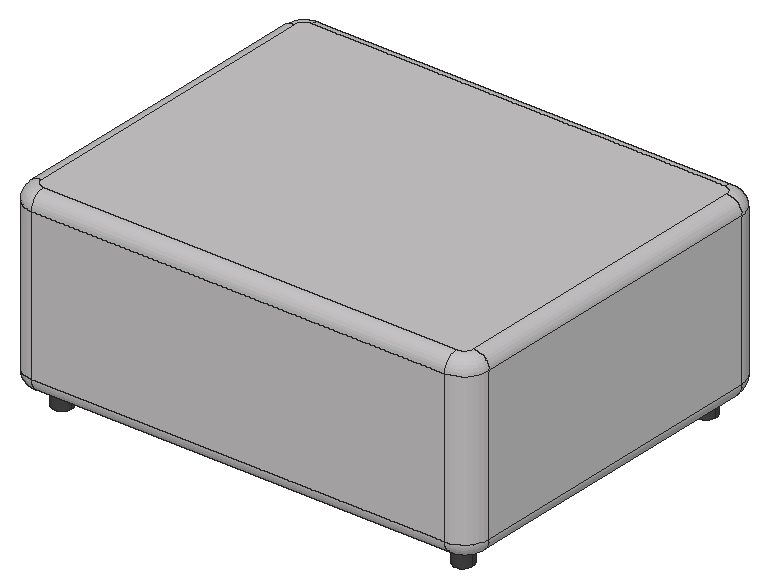
Revit family "FU_Chair_Sandler_ENTROPY_ENT0015TA", category Furniture, Revit 2020
Family settings
  OmniClass Number = 23.21.23.15.17
  Work Plane-Based = Yes
  Always vertical = No
  Cut with Voids When Loaded = No
  Shared = No
  Room Calculation Point = No
Parameters (values of type "ENTROPY ENT0015TA")
  Youtube clip = ""
  Width = 950.000 mm
  Uniformat II Description = "Movable Furnishings"
  Uniformat II Code = ""
  Uniclass 2015 Name = ""
  Uniclass 2015 Code = ""
  Uniclass 2.0 Description = ""
  Uniclass 2.0 Code = ""
  Uniclass 1.4 Description = ""
  Uniclass 1.4 Code = ""
  UNSPSC Code = ""
  Technical description = ""
  Seat Material = Leather - Gaja - 60005
  Frame Material = Steel - Frame - Black
  Region South America = "All"
  Region Oceania = "All"
  Region North America = "All"
  Region Middle East = "All"
  Region Europe = "All"
  Region Asia = "All"
  Region Antarctica = "All"
  Region Africa = "All"
  QR code = ""
  Product url = "https://www.sandlerseating.com/product/ent0015ta/"
  Product name = ""
  Product group = "Chair"
  Product family = "Furniture"
  Product data url = "https://www.sandlerseating.com/product/ent0015ta/"
  Product certification = ""
  Product SKU = ""
  Product Guid = ""
  OmniClass Description = ""
  OmniClass Code = "23-21 23 15 17"
  NBS Reference Description = ""
  NBS Reference Code = ""
  Model = "ENTROPY ENT0015TA"
  Masterformat 2014 Description = "Chair Mats"
  Masterformat 2014 Code = "12 48 43.13"
  Manufacturer name = "Sandler"
  Manufacturer country = "UK"
  Manufacturer = "Sandler"
  Installation instructions = ""
  IFC Classification = "Furnishing Element"
  GTIN code = ""
  Edition number = 1
  Design country = "UK"
  Description = "Chair"
  Depth = 750.000 mm
  Default Elevation = 0.000 mm
  Date of publishing = ""
  COBIe Type Category = ""
  Brand url = "https://www.sandlerseating.com/"
  BIMobject main category code = "furniture"
  BIMobject main category = "Furniture"
  BIMobject category code = "furniture-chair"
  BIMobject category = "Chair"
Reference planes
  plane 1 "Center Front/Back": y = 0
  plane 2: z = 0
  plane 3 "Center Left/Right": x = 0
  plane 4: y = 375
  plane 5: y = -375
  plane 6: x = -475
  plane 7: x = 475
  plane 8: z = 410
  plane 9: z = 40
  plane 10: x = -437.5
  plane 11: x = 437.5
  plane 12: y = -337.5
  plane 13: y = 337.5
Forms (mm)
  Extrusion 1, solid, material "Leather - Gaja - 60005" <- "Seat Material"
    sketch origin (0, 0, 0) x (1, 0, 0) y (0, 1, 0)
      loop
        arc (-425, 375) -> (-460.355, 360.355) -> (-475, 325) r 50
        line (-475, 325) -> (-475, -325)
        arc (-475, -325) -> (-460.355, -360.355) -> (-425, -375) r 50
        line (-425, -375) -> (425, -375)
        arc (425, -375) -> (460.355, -360.355) -> (475, -325) r 50
        line (475, -325) -> (475, 325)
        arc (475, 325) -> (460.355, 360.355) -> (425, 375) r 50
        line (425, 375) -> (-425, 375)
    from 40 to 410
  Sweep 2, void
    path in 3D
      loop
        arc (425, -375, 410) -> (460.355, -360.355, 410) -> (475, -325, 410) r 50
        line (475, -325, 410) -> (475, 325, 410)
        arc (475, 325, 410) -> (460.355, 360.355, 410) -> (425, 375, 410) r 50
        line (425, 375, 410) -> (-425, 375, 410)
        arc (-425, 375, 410) -> (-460.355, 360.355, 410) -> (-475, 325, 410) r 50
        line (-475, 325, 410) -> (-475, -325, 410)
        arc (-475, -325, 410) -> (-460.355, -360.355, 410) -> (-425, -375, 410) r 50
        line (-425, -375, 410) -> (425, -375, 410)
    profile origin (0, -375, 410) x (0, 1, 0) y (0, 0, 1)
      loop
        line (0, 0) -> (0, -30)
        arc (0, -30) -> (8.787, -8.787) -> (30, 0) r 30
        line (30, 0) -> (0, 0)
      loop
        line (0, -370) -> (30, -370)
        arc (30, -370) -> (8.787, -361.213) -> (0, -340) r 30
        line (0, -340) -> (0, -370)
  Extrusion 3, solid, material "Steel - Frame - Black" <- "Frame Material"
    sketch origin (0, 0, 0) x (1, 0, 0) y (0, 1, 0)
      loop
        circle (412.5, -312.5) r 20
      loop
        circle (412.5, 312.5) r 20
      loop
        circle (-412.5, 312.5) r 20
      loop
        circle (-412.5, -312.5) r 20
    from 0 to 40
Cuts and joins
  Sweep 2 cuts Extrusion 1
Lines and regions (mm)
  sketch lines
    curve 1: line (-425, -375, 410) -> (425, -375, 410)
    curve 2: arc (475, -325, 410) -> (460.355, -360.355, 410) -> (425, -375, 410) r 50
    curve 3: line (475, -325, 410) -> (475, 325, 410)
    curve 4: arc (425, 375, 410) -> (460.355, 360.355, 410) -> (475, 325, 410) r 50
    curve 5: line (425, 375, 410) -> (-425, 375, 410)
    curve 6: arc (-475, 325, 410) -> (-460.355, 360.355, 410) -> (-425, 375, 410) r 50
    curve 7: line (-475, 325, 410) -> (-475, -325, 410)
    curve 8: arc (-425, -375, 410) -> (-460.355, -360.355, 410) -> (-475, -325, 410) r 50
Dimensions and locks
  equal spacing: plane 4, plane 1 "Center Front/Back", plane 5
  "Depth": plane 4 to plane 5
  equal spacing: plane 6, plane 3 "Center Left/Right", plane 7
  "Width": plane 6 to plane 7
  locked: plane 11 to plane 7 at 37.5
  locked: plane 6 to plane 10 at 37.5
  locked: plane 4 to plane 13 at 37.5
  locked: plane 12 to plane 5 at 37.5
  aligned and locked: level to plane 2
  aligned and locked: Extrusion 1 sketch curve to plane 4
  aligned and locked: plane 5 to Extrusion 1 sketch curve
  aligned and locked: Extrusion 1 sketch curve to plane 7
Automatic sketch dimensions
  Extrusion 1 sketch curve to plane 4 = 50.000 mm
  plane 10 to Extrusion 1 sketch curve = 12.500 mm  (x2)
  Extrusion 1 sketch curve to plane 11 = 12.500 mm  (x2)
  Extrusion 1 sketch curve to plane 6 = 0.000 mm
  Sweep 2 sketch curve to profile plane = 0.000 mm  (x3)
  Sweep 2 sketch curve to profile plane = 30.000 mm
  Sweep 2 sketch curve to Sweep 2 sketch curve = 30.000 mm
  Sweep 2 sketch curve to Sweep 2 sketch curve = 310.000 mm
  plane 10 to Extrusion 3 sketch curve = 25.000 mm  (x2)
  Extrusion 3 sketch curve to plane 11 = 25.000 mm  (x2)
  plane 12 to Extrusion 3 sketch curve = 25.000 mm  (x2)
  Extrusion 3 sketch curve to plane 13 = 25.000 mm  (x2)
  radius of Extrusion 3 sketch curve = 20.000 mm  (x4)
